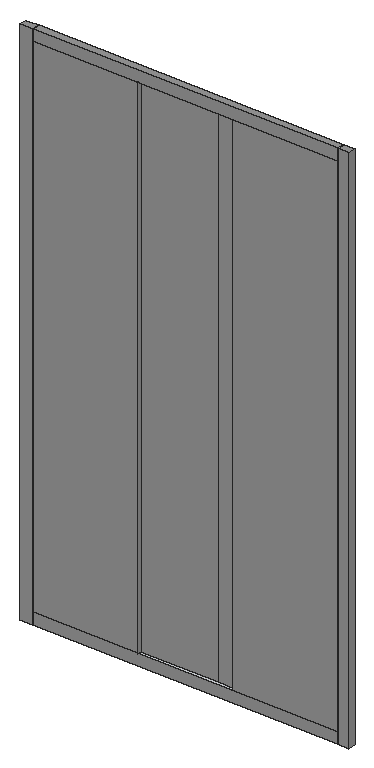
Revit family "MAMPARA ATENEA 1200X1950", category Generic Models, Revit 2019
Family settings
  Can host rebar = No
  Round Connector Dimension = Use Diameter
  Part Type = Normal
  Work Plane-Based = No
  Always vertical = Yes
  Cut with Voids When Loaded = No
  Shared = No
  Room Calculation Point = No
Reference planes
  plane 1 "Center (Front/Back)": y = 0
  plane 2: z = 0
  plane 3 "Center (Left/Right)": x = 0
Forms (mm)
  Extrusion 1, solid
    sketch origin (0, 0, 0) x (1, 0, 0) y (0, 0, 1)
      loop
        line (-100, 0) -> (-54.577, 0) -> (-54.577, 1950) -> (-100, 1950) -> (-100, 0)
      loop
        line (1100, 1950) -> (1060.123, 1950) -> (1060.123, 0) -> (1100, 0) -> (1100, 1950)
    from 224.03 to 250
  Extrusion 2, solid
    sketch origin (0, 0, 0) x (1, 0, 0) y (0, 1, 0)
      loop
        line (1060.123, -250) -> (1060.123, -237.015) -> (675, -237.015) -> (675, -250) -> (1060.123, -250)
      loop
        line (-54.577, -250) -> (330.995, -250) -> (330.995, -237.015) -> (-54.577, -237.015) -> (-54.577, -250)
    from 40 to 1910
  Extrusion 3, solid
    sketch origin (0, 0, 0) x (1, 0, 0) y (0, 1, 0)
      loop
        line (615, -237.015) -> (675, -237.015) -> (675, -224.03) -> (330.995, -224.03) -> (330.995, -237.015) -> (615, -237.015)
    from 40 to 1910
  Extrusion 4, solid
    sketch origin (0, 0, 0) x (1, 0, 0) y (0, 0, 1)
      loop
        line (-54.577, 1950) -> (-54.577, 1910) -> (1060.123, 1910) -> (1060.123, 1950) -> (-54.577, 1950)
      loop
        line (-54.577, 0) -> (1060.123, 0) -> (1060.123, 40) -> (-54.577, 40) -> (-54.577, 0)
    from 224.03 to 250
Dimensions and locks
  aligned and locked: level to plane 2
